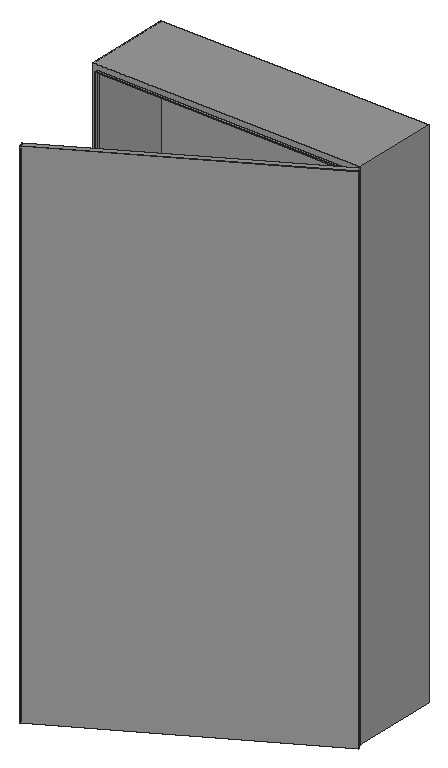
Revit family "Hager-Univers-IP55-D275-H1550-Cl.II-Steel_encl-NoHosted-CH-de", category Equipement électrique, Revit 2020
Family settings
  Configuration du panneau = Deux colonnes, circuits au sein
  Cote de connecteur circulaire = Utiliser le diamètre
  Type d'élément = Tableau de raccordement
  Basée sur le plan de construction = Oui
  Toujours verticalement = Oui
  Couper avec des vides une fois chargée = Non
  Partagée = Non
  Point de calcul de pièce = Non
Parameters (values of type "Aufputz IP55 B800 H1550 T275  - FR03S")
  Width Control [instance] = if([EF000008 - Breite] > Min Width, [EF000008 - Breite], Min Width)  # 800 mm
  Commentaires du type = [HG000003 - Bereich]  # "Univers"
  Thickness Door [instance] = if([EF009171 - Materialstärke Tür/Deckel] > 3 mm, 3 mm, [EF009171 - Materialstärke Tür/Deckel])  # 1.5 mm
  Seal Frame Offset [instance] = 17 mm  # constant formula
  Plinth Visibility [instance] = [HG000027 - Sockelhöhe] > 0 mm  # no
  Min Width [instance] = 100 mm  # constant formula
  Min Depth [instance] = (2 * [EF009170 - Materialstärke Gehäuse]) + 1 mm  # 4 mm
  Min Height [instance] = 100 mm  # constant formula
  Internal Frame Depth [instance] = (Door System Depth * 0.5)  # 9 mm
  Panel Name [instance] = ""  # (empty or 0)
  Model = ""
  HG000027 - Sockelhöhe = 0 mm
  HG000026 - Stehend auf dem Boden = no
  HG000024 - Höhe des unteren Teils = 600 mm
  HG000023 - Gehäuse mit doppeltem Querschnitt = no
  HG000016 - 3D-Türsichtbarkeit [instance] = yes
  HG000015 - Sichtbarkeit der Türöffnung [instance] = no
  HG000014 - Tür rechts [instance] = yes
  HG000013 - Tür links [instance] = not([HG000014 - Tür rechts])  # no
  HG000012 - Türschwenkwinkel [instance] = 30.00°
  HG000010 - Asymmetrische Türen = no
  HG000009 - Doppelflügeligen Tür = no
  HG000006 - Unterputz = no
  HG000004 - Herstellerreferenz = "FR03S"
  HG000003 - Bereich = "Univers"
  HG000002 - Mit tür = yes
  Frame Offset Bottom [instance] = 10 mm  # constant formula
  Frame Offset [instance] = 15 mm  # constant formula
  EF015940 - Deckel mit Überdruckentlastung = no
  EF011959 - Schutzart (NEMA) = ""
  EF009554 - Anzahl der Öffnungen für Flanschplatten = 6
  EF009212 - Ausführung Deckel = "EV000116 - geschlossen"
  EF009171 - Materialstärke Tür/Deckel = 1.5 mm
  EF009170 - Materialstärke Gehäuse = 1.5 mm
  EF008873 - Nennstrom (In) = 800 A
  EF007800 - Geeignet für Blitzschutz = no
  EF006306 - Mit Schloss = no
  EF006244 - Transparenter Deckel/Tür = no
  EF005474 - Schutzart (IP) = "EV006420 - IP55"
  EF004464 - Art der Tür = "EV002646 - Einzel"
  EF004427 - Anzahl der Module = 360
  EF004293 - Schlagfestigkeit = "EV008784 - IK10"
  EF003532 - Geeignet für Außengebrauch = no
  EF002950 - Breite in Teilungseinheiten = 24
  EF001613 - Funktionserhalt = "EV000494 - ohne"
  EF001596 - Werkstoff des Gehäuses = "EV000179 - Stahl"
  EF001131 - Innentiefe = 275 mm
  EF001088 - Anbaumöglichkeit = yes
  EF000437 - Anzahl der Leitungseinführungen = 6
  EF000339 - Art der Abdeckung = "EV004216 - Tür"
  EF000266 - Anzahl der Reihen = 10
  EF000218 - Einbautiefe = 0 mm
  EF000118 - Mit Montageplatte = no
  EF000116 - RAL-Nummer = "7035"
  EF000049 - Tiefe = 275 mm
  EF000040 - Höhe = 1550 mm
  EF000008 - Breite = 800 mm
  EF000007 - Farbe = "EV000270 - grau"
  EF000003 - Montageart = "EV000384 - Aufputz"
  Door System Leaf Tolerance [instance] = 1.5 mm  # constant formula
  Door System Depth [instance] = 18 mm  # constant formula
  Door Height [instance] = Height Control - [HG000027 - Sockelhöhe]  # 1550 mm
  Description = ""
  Default Elevation = 1219.2 mm
  Connector Offset [instance] = Height Control / 2  # 775 mm
  Fabricant = "Hager"  # constant formula
  Height Control [instance] = if([EF000040 - Höhe] > Min Height, [EF000040 - Höhe], Min Height)  # 1550 mm
  Depth Control [instance] = if([EF000049 - Tiefe] > Min Depth, [EF000049 - Tiefe], Min Depth)  # 275 mm
  Bottom Top Plate Trim [instance] = 1.5 mm  # constant formula
  Plinth height Ctrl [instance] = if([HG000027 - Sockelhöhe] > 0 mm, [HG000027 - Sockelhöhe], 12 mm)  # 12 mm
Types (5, lengths in mm): name | Width Control | HG000010 - Asymmetrische Türen | HG000009 - Doppelflügeligen Tür | HG000004 - Herstellerreferenz | EF009554 - Anzahl der Öffnungen für Flanschplatten | EF004464 - Art der Tür | EF004427 - Anzahl der Module | EF000437 - Anzahl der Leitungseinführungen | EF000008 - Breite
  Aufputz IP55 B1050 H1550 T275  - FR04S | 1050 | no | yes | "FR04S" | 8 | "EV003602 - Doppel" | 480 | 8 | 1050
  Aufputz IP55 B1300 H1550 T275  - FR05S | 1300 | yes | yes | "FR05S" | 10 | "EV003602 - Doppel" | 600 | 10 | 1300
  Aufputz IP55 B300 H1550 T275  - FR01S | 300 | no | no | "FR01S" | 2 | "EV002646 - Einzel" | 120 | 2 | 300
  Aufputz IP55 B550 H1550 T275  - FR02S | 550 | no | no | "FR02S" | 4 | "EV002646 - Einzel" | 240 | 4 | 550
  Aufputz IP55 B800 H1550 T275  - FR03S | 800 | no | no | "FR03S" | 6 | "EV002646 - Einzel" | 360 | 6 | 800
Reference planes
  plane 1 "Center (Front/Back)": y = 0
  plane 2: z = 0
  plane 3 "Center (Left/Right)": x = 0
  plane 4: y = 0
  plane 5: y = 0
  plane 6: z = 0
  plane 7: x = -400
  plane 8: x = 400
  plane 9: x = 398.5
  plane 10: x = -398.5
  plane 11: z = 0
  plane 12: z = 1.5
  plane 13: y = -275
  plane 14: y = -1.5
  plane 15: x = 0
  plane 16: y = -257
  plane 17: y = -273.5
  plane 18: y = -255.5
  plane 19: x = -383.5
  plane 20: x = 383.5
  plane 21: z = 11.5
  plane 22: x = -383
  plane 23: x = 383
  plane 24: z = 0
  plane 25: z = 1550
  plane 26: z = 1550
  plane 27: z = 1533.5
  plane 28: z = 1548.5
Forms (mm)
  Extrusion 1, solid, material "Hager_Steel_RAL7035_Light_Grey", detail levels medium+fine
    sketch origin (-208.679, -4572, 0) x (-1, 0, 0) y (0, -1, 0)
      loop
        line (191.321, -4315) -> (-608.679, -4315) -> (-608.679, -4572) -> (191.321, -4572) -> (191.321, -4315)
    from 0 to 1550
  Extrusion 2, void
    sketch origin (-350.771, -275, 1219.2) x (1, 0, 0) y (0, 0, 1)
      loop
        line (-47.729, 329.3) -> (-47.729, -1217.7) -> (749.271, -1217.7) -> (749.271, 329.3) -> (-47.729, 329.3)
    from -19.5 to -273.5
  Extrusion 3, void
    sketch origin (-290.084, -257, 1219.2) x (1, 0, 0) y (0, 0, 1)
      loop
        line (-93.416, -1207.7) -> (673.584, -1207.7) -> (673.584, 314.3) -> (-93.416, 314.3) -> (-93.416, -1207.7)
    from 0 to -1.5
  Extrusion 4, solid, material "Hager_Steel_RAL7035_Light_Grey", visible <- "Plinth Visibility", detail levels medium+fine
    sketch origin (0, 0, 0) x (1, 0, 0) y (0, 1, 0)
      loop
        line (-400, 0) -> (-400, -257) -> (400, -257) -> (400, 0) -> (-400, 0)
    from 0 to 12 <- "Plinth height Ctrl"
  Extrusion 5, solid, material "Hager_Steel_RAL7035_Light_Grey", detail levels coarse
    sketch origin (0, 0, 0) x (1, 0, 0) y (0, 1, 0)
      loop
        line (-400, 0) -> (-400, -275) -> (400, -275) -> (400, 0) -> (-400, 0)
    from 0 to 1550 <- "Height Control"
  Sweep 6, void
    path in 3D
      loop
        line (-400, -257, 12) -> (400, -257, 12) -> (400, 0, 12) -> (-400, 0, 12) -> (-400, -257, 12)
    profile origin (-400, -128.5, 12) x (1, 0, 0) y (0, 0, 1)
      loop
        line (0, 0) -> (0, -1.5) -> (1.5, -1.5)
        arc (1.5, -1.5) -> (1.061, -0.439) -> (0, 0) r 1.5
  Extrusion 7, solid, material "Hager_Steel_RAL7035_Light_Grey", detail levels fine
    sketch origin (-400, -257, 0) x (1, 0, 0) y (0, 0, 1)
      loop
        line (16.5, 11.5) -> (783.5, 11.5) -> (783.5, 1533.5) -> (16.5, 1533.5) -> (16.5, 11.5)
      loop
        line (15, 10) -> (785, 10) -> (785, 1535) -> (15, 1535) -> (15, 10)
    from 0 to 9 <- "Internal Frame Depth"
Cuts and joins
  Extrusion 2, Extrusion 3 cuts Extrusion 1
  Sweep 6 cuts Extrusion 4
Lines and regions (mm)
  Masking region 1
    outline origin (0, 0, 0) x (1, 0, 0) y (0, 1, 0)
      loop
        line (-400, 0) -> (-400, -275) -> (400, -275) -> (400, 0) -> (-400, 0)
  Masking region 2, detail levels coarse
    outline origin (-290.084, -257, 1219.2) x (-1, 0, 0) y (0, 0, 1)
      loop
        line (-690.084, -1219.2) -> (109.916, -1219.2) -> (109.916, 330.8) -> (-690.084, 330.8) -> (-690.084, -1219.2)
  Masking region 3, detail levels coarse
    outline origin (0, 0, 0) x (0, 1, 0) y (0, 0, 1)
      loop
        line (0, 0) -> (0, 1550) -> (-275, 1550) -> (-275, 0) -> (0, 0)
  Masking region 4, visible <- "Plinth Visibility", detail levels medium+fine
    outline origin (0, 0, 0) x (0, 1, 0) y (0, 0, 1)
      loop
        line (-1.5, 12) -> (-255.5, 12)
        arc (-255.5, 12) -> (-255.939, 10.939) -> (-257, 10.5) r 1.5
        line (-257, 10.5) -> (-257, 0) -> (0, 0) -> (0, 10.5)
        arc (0, 10.5) -> (-1.061, 10.939) -> (-1.5, 12) r 1.5
  Masking region 5, detail levels medium+fine
    outline origin (0, 0, 594.038) x (0, 1, 0) y (0, 0, 1)
      loop
        line (0, -594.038) -> (0, 955.962) -> (-257, 955.962) -> (-257, -594.038) -> (0, -594.038)
  Masking region 6, detail levels medium+fine
    outline origin (-359.7, -257, 1211.883) x (-1, 0, 0) y (0, 0, 1)
      loop
        line (-759.7, -1211.883) -> (40.3, -1211.883) -> (40.3, 338.117) -> (-759.7, 338.117) -> (-759.7, -1211.883)
  Masking region 7, visible <- "Plinth Visibility", detail levels medium+fine
    outline origin (-320.334, -257, 1041.368) x (-1, 0, 0) y (0, 0, 1)
      loop
        line (-720.334, -1041.368) -> (79.666, -1041.368) -> (79.666, -1030.868)
        arc (79.666, -1030.868) -> (78.606, -1030.429) -> (78.166, -1029.368) r 1.5
        line (78.166, -1029.368) -> (-718.834, -1029.368)
        arc (-718.834, -1029.368) -> (-719.273, -1030.429) -> (-720.334, -1030.868) r 1.5
        line (-720.334, -1030.868) -> (-720.334, -1041.368)
  sketch lines
    curve 1: line (-400, 0, 12) -> (-400, -257, 12)
    curve 2: line (-400, -257, 12) -> (400, -257, 12)
    curve 3: line (400, 0, 12) -> (-400, 0, 12)
    curve 4: line (400, -257, 12) -> (400, 0, 12)
Dimensions and locks
  locked: plane 1 "Center (Front/Back)" to plane 5
  "EF009170 - Materialstärke Gehäuse": plane 7 to plane 10
  "EF009170 - Materialstärke Gehäuse": plane 8 to plane 9
  equal spacing: plane 7, plane 3 "Center (Left/Right)", plane 8
  "Width Control": plane 7 to plane 8
  "Depth Control": plane 4 to plane 13
  "EF009170 - Materialstärke Gehäuse": plane 4 to plane 14
  "Height Control": plane 25 to level
  "HG000027 - Sockelhöhe": plane 11 to level
  "EF009170 - Materialstärke Gehäuse": plane 12 to plane 11
  "EF009170 - Materialstärke Gehäuse": plane 17 to plane 13
  "EF009170 - Materialstärke Gehäuse": plane 18 to plane 16
  "Frame Offset Bottom": plane 21 to plane 12
  "Frame Offset": plane 10 to plane 19
  "Frame Offset": plane 9 to plane 20
  "Door System Depth": plane 16 to plane 13
  "Seal Frame Offset": plane 7 to plane 22
  "Seal Frame Offset": plane 8 to plane 23
  "EF009170 - Materialstärke Gehäuse": plane 26 to plane 28
  "Frame Offset": plane 28 to plane 27
  "Connector Offset": plane 2 to connector elem
  "Bottom Top Plate Trim": profile plane to Sweep 6 sketch curve
  "Bottom Top Plate Trim": Sweep 6 sketch curve to Sweep 6 sketch curve
  "Plinth height Ctrl": Masking region 4 sketch curve to level
  "Plinth height Ctrl": Masking region 7 sketch curve to level
  "Thickness Door": Extrusion 7 sketch curve to Extrusion 7 sketch curve  (x4)
  "Bottom Top Plate Trim": radius of Sweep 6 sketch curve
  "Bottom Top Plate Trim": radius of Masking region 4 sketch curve  (x2)
  "Bottom Top Plate Trim": radius of Masking region 7 sketch curve  (x2)
  aligned and locked: Extrusion 2 sketch curve to plane 12
  aligned and locked: Extrusion 2 sketch curve to plane 9
  aligned and locked: Extrusion 2 sketch curve to plane 10
  aligned and locked: Extrusion 2 to plane 14
  aligned and locked: Extrusion 1 sketch curve to plane 4
  aligned and locked: plane 8 to Extrusion 1 sketch curve
  aligned and locked: plane 7 to Extrusion 1 sketch curve
  aligned and locked: Extrusion 2 to plane 18
  aligned and locked: Extrusion 3 sketch curve to plane 19
  aligned and locked: plane 20 to Extrusion 3 sketch curve
  aligned and locked: Extrusion 3 to Extrusion 2
  aligned and locked: Extrusion 3 sketch curve to plane 21
  aligned and locked: plane 3 "Center (Left/Right)" to nested 1
  aligned and locked: Extrusion 1 sketch curve to plane 16
  aligned and locked: Extrusion 4 sketch curve to cut or joined group of Extrusion 1, Extrusion 2, Extrusion 3
  aligned and locked: Masking region 1 sketch curve to plane 7
  aligned and locked: Masking region 1 sketch curve to plane 5
  aligned and locked: Masking region 1 sketch curve to plane 8
  aligned and locked: Masking region 2 sketch curve to level
  aligned and locked: level to Masking region 3 sketch curve
  aligned and locked: plane 1 "Center (Front/Back)" to Masking region 3 sketch curve
  aligned and locked: plane 13 to Masking region 3 sketch curve
  aligned and locked: plane 5 to Masking region 4 sketch curve
  aligned and locked: Masking region 2 sketch curve to plane 8
  aligned and locked: Masking region 2 sketch curve to plane 7
  aligned and locked: plane 7 to nested 2
  aligned and locked: nested 2 to plane 5
  aligned and locked: plane 5 to Masking region 5 sketch curve
  aligned and locked: plane 26 to Masking region 5 sketch curve
  aligned and locked: Extrusion 5 sketch curve to plane 8
  aligned and locked: Extrusion 5 sketch curve to plane 7
  aligned and locked: Extrusion 5 sketch curve to plane 5
  aligned and locked: Extrusion 3 sketch curve to plane 27
  aligned and locked: Extrusion 2 sketch curve to plane 28
  aligned and locked: Masking region 2 to plane 25
  aligned and locked: Extrusion 4 to plane 16
  aligned and locked: profile plane to Sweep 6 sketch curve
  aligned and locked: Masking region 5 sketch curve to plane 24
  aligned and locked: level to Masking region 4 sketch curve
  aligned and locked: Masking region 1 to plane 13
  aligned and locked: nested 1 to plane 16
  aligned and locked: Masking region 3 to plane 25
  aligned and locked: plane 16 to Masking region 4 sketch curve
  aligned and locked: Masking region 5 sketch curve to plane 16
  aligned and locked: plane 24 to plane 11
  aligned and locked: plane 26 to plane 25
  aligned and locked: plane 26 to cut or joined group of Extrusion 1, Extrusion 2, Extrusion 3
  aligned and locked: nested 1 to plane 24
  aligned and locked: Extrusion 1 to Extrusion 3
  aligned and locked: Masking region 6 sketch curve to plane 8
  aligned and locked: Masking region 6 sketch curve to plane 24
  aligned and locked: Masking region 6 sketch curve to plane 7
  aligned and locked: Masking region 6 sketch curve to plane 26
  aligned and locked: Masking region 7 sketch curve to plane 7
  aligned and locked: level to Masking region 7 sketch curve
  aligned and locked: Masking region 7 sketch curve to plane 8
  aligned and locked: Extrusion 7 sketch curve to cut or joined group of Extrusion 1, Extrusion 2, Extrusion 3  (x4)
Automatic sketch dimensions
  plane 19 to Extrusion 3 sketch curve = 0 mm
  Extrusion 3 sketch curve to plane 20 = 0 mm
  Extrusion 3 sketch curve to plane 21 = 0 mm
  Extrusion 4 sketch curve to plane 7 = 0 mm
  Extrusion 4 sketch curve to plane 8 = 0 mm
  Extrusion 4 sketch curve to plane 16 = 0 mm
  Masking region 1 sketch curve to plane 13 = 0 mm
  Masking region 2 sketch curve to plane 25 = 0 mm
  Masking region 3 sketch curve to plane 25 = 0 mm
  Extrusion 5 sketch curve to plane 13 = 0 mm
  profile plane to Sweep 6 sketch curve = 0 mm
Nested families
  nested 1: "EC000058_Univers_Door" at (0, -257, 0), Double <- "HG000009 - Doppelflügeligen Tür", Transparent <- "EF006244 - Transparenter Deckel/Tür", Angle <- "HG000012 - Türschwenkwinkel", Door_Right <- "HG000014 - Tür rechts", Assymetrical <- "HG000010 - Asymmetrische Türen", Door <- "HG000002 - Mit tür", Width_Ctrl <- "Width Control", 3d_Door <- "HG000016 - 3D-Türsichtbarkeit", Clearance <- "HG000015 - Sichtbarkeit der Türöffnung", Door_Left <- "HG000013 - Tür links", Width <- "Width Control", Door_Depth <- "Door System Depth", Leaf_Tolerance <- "Door System Leaf Tolerance", Height <- "Door Height", Lock_Visibility <- "EF006306 - Mit Schloss", Thickness <- "Thickness Door", type "EC000058_Univers_Door", detail levels medium+fine
    with min_wh 4 mm, Width_Ctrl 800 mm, Width 800 mm, Transparent no, Thickness 1.5 mm, Seal_Material Hager_Rubber, Lock_Visibility no, Lock_Material Hager_Plastic_RAL9005_Jet_Black, Leaf_Width 800 mm, Leaf_Tolerance_External_Sides 0 mm, Leaf_Tolerance 1.5 mm, Leaf_Offset 0 mm, Leaf_Height 1547 mm, Leaf_2_Width 800 mm, Leaf_2_Offset 400 mm, Leaf_1_Width 800 mm, Leaf_1_Offset 400 mm, Height_Ctrl 1550 mm, Height 1550 mm, Glass_Material Hager_Glass, Double_Clearance_Ctrl no, Double no, Door_Right_Ctrl yes, Door_Right yes, Door_Material Hager_Steel_RAL7035_Light_Grey, Door_Left_Ctrl no, Door_Left no, Door_Depth 18 mm, Door yes, Clearance_Material Hager_Clearance, Clearance_Depth 800 mm, Clearance_Ctrl no, Clearance no, Assymetrical no, Angle 30.00°, 3d_Door yes
  nested 2: "Hager_Enclosure_Symbol" at (-400, 0, 0), Height <- "Depth Control", Width <- "Width Control", type "Hager_Enclosure_Symbol"
    with Width_Ctrl 800 mm, Width 800 mm, Height_Ctrl 275 mm, Height 275 mm, A_Width_Int 18.047 mm, A_Width 216.562 mm, A_Height_Ctrl 240.625 mm, A_Height 240.625 mm
Connectors
  electrical at (0, 0, 775)
    settings: on plane 1 "Center (Front/Back)", index 1, voltage 0 V, apparent load 0 VA, apparent load phase1 0 VA, apparent load phase2 0 VA, apparent load phase3 0 VA, power factor 1, load classification "Other", number of poles 1, system type 30, power factor state 1, is connector primary yes, connector utility no, sub classification motor no, connector description ""
Definition of nested family "EC000058_Univers_Door"
  Parameters (values of type "EC000058_Univers_Door")
    min_wh [instance] = (2 * Thickness) + 1 mm  # 11 mm
    Width_Ctrl [instance] = 400 mm
    Width [instance] = 500 mm
    Transparent [instance] = yes
    Thickness [instance] = 5 mm
    Seal_Material [instance] = none
    Lock_Visibility [instance] = yes
    Lock_Material [instance] = none
    Leaf_Width [instance] = if((Width_Ctrl - 2 * Leaf_Tolerance_External_Sides) > 0 mm, (Width_Ctrl - 2 * Leaf_Tolerance_External_Sides), min_wh)  # 400 mm
    Leaf_Tolerance_External_Sides [instance] = 0 mm  # constant formula
    Leaf_Tolerance [instance] = 1.5 mm
    Leaf_Offset [instance] = 0 mm  # constant formula
    Leaf_Height [instance] = if((Height_Ctrl - 2 * Leaf_Tolerance) > 0 mm, (Height_Ctrl - 2 * Leaf_Tolerance), min_wh)  # 497 mm
    Leaf_2_Width [instance] = if(and(and(Double, Assymetrical), Door_Left), (Leaf_Width / 3) - (Leaf_Tolerance / 2), if(and(and(Double, Assymetrical), Door_Right), (Leaf_Width / 3) * 2 - (Leaf_Tolerance / 2), if(and(Double, not(Assymetrical)), (Leaf_Width / 2) - Leaf_Tolerance, Leaf_Width)))  # 400 mm
    Leaf_2_Offset [instance] = if(and(Double, Assymetrical), Leaf_2_Width / 2, if(and(Double, not(Assymetrical)), Leaf_Width / 4, Leaf_Width / 2))  # 200 mm
    Leaf_1_Width [instance] = if(and(and(Double, Assymetrical), Door_Right), (Leaf_Width / 3) - (Leaf_Tolerance / 2), if(and(and(Double, Assymetrical), Door_Left), (Width / 3) * 2 - (Leaf_Tolerance / 2), if(and(Double, not(Assymetrical)), (Leaf_Width / 2) - Leaf_Tolerance, Leaf_Width)))  # 400 mm
    Leaf_1_Offset [instance] = if(and(Double, Assymetrical), Leaf_1_Width / 2, if(and(Double, not(Assymetrical)), Leaf_Width / 4, Leaf_Width / 2))  # 200 mm
    Height_Ctrl [instance] = if(Height > min_wh, Height, min_wh)  # 500 mm
    Height [instance] = 500 mm
    Glass_Material [instance] = none
    Double_Clearance_Ctrl [instance] = and(Double, Clearance)  # no
    Double [instance] = no
    Door_Right_Ctrl [instance] = and(or(Door_Right, Double), Door)  # yes
    Door_Right [instance] = yes
    Door_Material [instance] = none
    Door_Left_Ctrl [instance] = and(or(Door_Left, Double), Door)  # no
    Door_Left [instance] = no
    Door_Depth [instance] = 30 mm
    Door [instance] = yes
    Default Elevation = 1219.2 mm
    Clearance_Material [instance] = none
    Clearance_Depth [instance] = if(Leaf_1_Width > Leaf_2_Width, Leaf_1_Width, Leaf_2_Width)  # 400 mm
    Clearance_Ctrl [instance] = and(not(Double), Clearance)  # yes
    Clearance [instance] = yes
    Assymetrical [instance] = yes
    Angle [instance] = 30.00°
    3d_Door [instance] = yes
  Reference planes
    plane 1 "Center (Front/Back)": y = 0
    plane 2 "Bottom": z = 0
    plane 3 "Center (Left/Right)": x = 0
    plane 4: z = 500
    plane 5: x = -200
    plane 6: x = 200
    plane 7: z = 500
    plane 8: x = -200
    plane 9: z = 0
    plane 10: x = 200
    plane 11: y = 0
    plane 12: z = 1.5
    plane 13: x = -600
    plane 14: y = -400
    plane 15: x = 600
    plane 16: x = 0
    plane 17: x = 0
    plane 18: x = -200
    plane 19: x = 200
    plane 20: z = 498.5
  Forms (mm)
    Extrusion 1, solid, material <- "Clearance_Material", visible <- "Double_Clearance_Ctrl"
      sketch origin (1200, 0, 0) x (1, 0, 0) y (0, 0, -1)
        loop
          line (-1800, -498.5) -> (-600, -498.5) -> (-600, 0) -> (-1800, 0) -> (-1800, -498.5)
      from 0 to -400
  Dimensions and locks
    equal spacing: plane 5, plane 3 "Center (Left/Right)", plane 6
    "Width_Ctrl": plane 5 to plane 6
    "Leaf_Offset": plane 5 to plane 8
    "Leaf_Offset": plane 6 to plane 10
    "Leaf_Offset": plane 9 to level
    "Leaf_Offset": plane 4 to plane 7
    "Height_Ctrl": plane 4 to level
    "Leaf_Tolerance": plane 12 to plane 9
    locked: plane 11 to plane 1 "Center (Front/Back)"
    "Leaf_1_Offset": plane 18 to plane 16
    "Leaf_2_Offset": plane 17 to plane 19
    "Leaf_1_Width": plane 13 to plane 8
    "Leaf_2_Width": plane 10 to plane 15
    "Clearance_Depth": plane 14 to plane 1 "Center (Front/Back)"
    "Leaf_Tolerance_External_Sides": plane 8 to plane 18
    "Leaf_Tolerance_External_Sides": plane 19 to plane 10
    "Leaf_Tolerance": plane 7 to plane 20
    aligned and locked: level to plane 2 "Bottom"
    aligned and locked: nested 1 to plane 16
    aligned and locked: nested 2 to plane 17
    aligned and locked: Extrusion 1 to plane 13
    aligned and locked: plane 15 to Extrusion 1
    aligned and locked: Extrusion 1 to plane 14
    aligned and locked: plane 12 to nested 1
    aligned and locked: nested 2 to plane 12
    aligned and locked: Extrusion 1 to plane 11
    aligned and locked: plane 20 to Extrusion 1
    aligned and locked: nested 2 to plane 11
    aligned and locked: nested 1 to plane 11
  Automatic sketch dimensions
    Extrusion 1 sketch curve to level = 0 mm
    plane 5 to Extrusion 1 sketch curve = 400 mm
    plane 6 to Extrusion 1 sketch curve = 400 mm
    Extrusion 1 sketch curve to plane 4 = 1.5 mm
  Nested families
    nested 1: "EC000058_Univers_Door_Leaf" at (0, 0, 1.5), Width <- "Leaf_1_Width", visible <- "Door_Left_Ctrl", Leaf_Height <- "Leaf_Height", Angle <- "Angle", 3d_Door <- "3d_Door", Transparent <- "Transparent", Clearance Material <- "Clearance_Material", Clearance <- "Clearance_Ctrl", Door_Material <- "Door_Material", Glass_Material <- "Glass_Material", Door_Depth <- "Door_Depth", Lock_Material <- "Lock_Material", Seal_Material <- "Seal_Material", Lock_Visibility <- "Lock_Visibility", Thickness <- "Thickness", type "EC000058_Univers_Door_Leaf"
      with Width 400 mm, Transparent_Glass_Offset 30 mm, Transparent_Ctrl yes, Transparent yes, Thickness 5 mm, Standard no, Seal_Material none, Seal_D2 8 mm, Seal_D1 1 mm, Offset_Internal_Frame 10 mm, Lock_Width 20 mm, Lock_Visibility_3d yes, Lock_Visibility yes, Lock_Thickness_3 3 mm, Lock_Thickness_2 1 mm, Lock_Thickness_1 3 mm, Lock_Radius_Offset_2 16 mm, Lock_Radius_Offset_1 15 mm, Lock_Radius_2 5 mm, Lock_Radius 6 mm, Lock_Offset 5 mm, Lock_Material none, Lock_Height 80 mm, Lock_Cover_Top_Offset_2d 17 mm, Lock_Cover_Height -65 mm, Leaf_Height 497 mm, Internal_Seal_Thickness 8 mm, Internal_Seal_Depth_2 4.5 mm, Internal_Frame_Depth 25 mm, Glass_Thickness -1 mm, Glass_Offset -2 mm, Glass_Material none, Door_Material none, Door_Depth 30 mm, Clearance Material none, Clearance yes, Angle_Ctrl 30.00°, Angle 30.00°, 3d_Door yes
    nested 2: "EC000058_Univers_Door_Leaf" at (0, 0, 1.5) x (-1, 0, 0) z (0, 0, 1), Width <- "Leaf_2_Width", visible <- "Door_Right_Ctrl", Leaf_Height <- "Leaf_Height", Angle <- "Angle", 3d_Door <- "3d_Door", Transparent <- "Transparent", Clearance Material <- "Clearance_Material", Clearance <- "Clearance_Ctrl", Door_Material <- "Door_Material", Glass_Material <- "Glass_Material", Door_Depth <- "Door_Depth", Lock_Material <- "Lock_Material", Seal_Material <- "Seal_Material", Lock_Visibility <- "Lock_Visibility", Thickness <- "Thickness", type "EC000058_Univers_Door_Leaf"
      with Width 400 mm, Transparent_Glass_Offset 30 mm, Transparent_Ctrl yes, Transparent yes, Thickness 5 mm, Standard no, Seal_Material none, Seal_D2 8 mm, Seal_D1 1 mm, Offset_Internal_Frame 10 mm, Lock_Width 20 mm, Lock_Visibility_3d yes, Lock_Visibility yes, Lock_Thickness_3 3 mm, Lock_Thickness_2 1 mm, Lock_Thickness_1 3 mm, Lock_Radius_Offset_2 16 mm, Lock_Radius_Offset_1 15 mm, Lock_Radius_2 5 mm, Lock_Radius 6 mm, Lock_Offset 5 mm, Lock_Material none, Lock_Height 80 mm, Lock_Cover_Top_Offset_2d 17 mm, Lock_Cover_Height -65 mm, Leaf_Height 497 mm, Internal_Seal_Thickness 8 mm, Internal_Seal_Depth_2 4.5 mm, Internal_Frame_Depth 25 mm, Glass_Thickness -1 mm, Glass_Offset -2 mm, Glass_Material none, Door_Material none, Door_Depth 30 mm, Clearance Material none, Clearance yes, Angle_Ctrl 30.00°, Angle 30.00°, 3d_Door yes
  Definition of nested family "EC000058_Univers_Door_Leaf"
    Parameters (values of type "EC000058_Univers_Door_Leaf")
      Width [instance] = 2000 mm
      Transparent_Glass_Offset [instance] = 30 mm
      Transparent_Ctrl [instance] = and(Transparent, [3d_Door])  # yes
      Transparent [instance] = yes
      Thickness [instance] = 5 mm
      Standard [instance] = and(not(Transparent), [3d_Door])  # no
      Seal_Material [instance] = none
      Seal_D2 [instance] = 8 mm  # constant formula
      Seal_D1 [instance] = 1 mm  # constant formula
      Offset_Internal_Frame [instance] = 10 mm  # constant formula
      Lock_Width [instance] = 20 mm  # constant formula
      Lock_Visibility_3d [instance] = and(Lock_Visibility, [3d_Door])  # yes
      Lock_Visibility [instance] = yes
      Lock_Thickness_3 [instance] = 3 mm  # constant formula
      Lock_Thickness_2 [instance] = 1 mm  # constant formula
      Lock_Thickness_1 [instance] = 3 mm  # constant formula
      Lock_Radius_Offset_2 [instance] = Lock_Radius_Offset_1 + 1 mm  # 16 mm
      Lock_Radius_Offset_1 [instance] = 15 mm  # constant formula
      Lock_Radius_2 [instance] = Lock_Radius - 1 mm  # 5 mm
      Lock_Radius [instance] = 6 mm  # constant formula
      Lock_Offset [instance] = 5 mm  # constant formula
      Lock_Material [instance] = none
      Lock_Height [instance] = 80 mm  # constant formula
      Lock_Cover_Top_Offset_2d [instance] = Lock_Radius_Offset_2 + 1 mm  # 17 mm
      Lock_Cover_Height [instance] = -(Lock_Height - Lock_Radius_Offset_1)  # -65 mm
      Leaf_Height [instance] = 2720.336 mm
      Internal_Seal_Thickness [instance] = 8 mm  # constant formula
      Internal_Seal_Depth_2 [instance] = 4.5 mm  # constant formula
      Internal_Frame_Depth [instance] = if(Door_Depth - Thickness > 5 mm, Door_Depth - Thickness, 5 mm)  # 25 mm
      Glass_Thickness [instance] = if(Thickness > 15 mm, Glass_Offset + 10 mm, -1 mm)  # -1 mm
      Glass_Offset [instance] = if(Thickness > 15 mm, -(Thickness + 10 mm) / 2, -2 mm)  # -2 mm
      Glass_Material [instance] = none
      Door_Material [instance] = none
      Door_Depth [instance] = 30 mm
      Default Elevation = 0 mm
      Clearance Material [instance] = none
      Clearance [instance] = yes
      Angle_Ctrl [instance] = if(Angle > 180.00°, 180.00°, Angle)  # 90.00°
      Angle [instance] = 90.00°
      3d_Door [instance] = yes
    Reference planes
      plane 1 "Center (Front/Back)": y = 0
      plane 2: z = 0
      plane 3 "Center (Left/Right)": x = 0
      plane 4: y = 2000
      plane 5: x = -1000
      plane 6: x = 1000
      plane 7: x = -3000
      plane 8: z = 2720.336
      plane 9: z = 30
      plane 10: z = 2690.336
      plane 11: x = 970
      plane 12: x = -970
      plane 13: y = -3
      plane 14: z = 107.833
      plane 15: y = -5
      plane 16: y = -223.314
      plane 17: x = -1000
      plane 18: z = 1360.168
      plane 19: y = 30
    Forms (mm)
      Extrusion 1, solid, material <- "Clearance Material", visible <- "Clearance"
        sketch origin (0, 0, 0) x (1, 0, 0) y (0, 0, 1)
          loop
            line (-3000, 2720.336) -> (-3000, 0) -> (1000, 0) -> (1000, 2720.336) -> (-3000, 2720.336)
        from 0 to -2000
      Extrusion 2, solid, material <- "Door_Material", visible <- "Standard", detail levels medium+fine
        sketch origin (-1000, 0, 0) x (0, 1, 0) y (-1, 0, 0)
          loop
            line (0, 30) -> (0, 25) -> (2000, 25) -> (2000, 30) -> (0, 30)
        from 0 to 2720.336 <- "Leaf_Height"
      Extrusion 3, solid, material <- "Door_Material", visible <- "Transparent_Ctrl", detail levels medium+fine
        sketch origin (-1000, 0, 0) x (0, 1, 0) y (-1, 0, 0)
          loop
            line (0, 25) -> (2000, 25) -> (2000, 30) -> (0, 30) -> (0, 25)
        from 0 to 2720.336 <- "Leaf_Height"
      Extrusion 4, void
        sketch origin (-1025, 2000, 0) x (0, 1, 0) y (0, 0, -1)
          loop
            line (-30, -2690.336) -> (-30, -30) -> (-1970, -30) -> (-1970, -2690.336) -> (-30, -2690.336)
        from 0 to 5 <- "Thickness"
      Sweep 5, solid, material <- "Seal_Material", visible <- "Transparent_Ctrl", detail levels fine
        path in 3D
          loop
            line (-1025, 30, 30) -> (-1025, 30, 2690.336) -> (-1025, 1970, 2690.336) -> (-1025, 1970, 30) -> (-1025, 30, 30)
        profile origin (-1025, 1000, 30) x (1, 0, 0) y (0, 0, 1)
          loop
            line (0, 0) -> (0, -8) -> (1, -8) -> (1, 0) -> (0, 0)
      Extrusion 6, solid, material <- "Glass_Material", visible <- "Transparent_Ctrl", detail levels medium+fine
        sketch origin (-1030, 0, 0) x (0, 1, 0) y (0, 0, -1)
          loop
            line (1970, -2690.336) -> (1970, -30) -> (30, -30) -> (30, -2690.336) -> (1970, -2690.336)
        from -2 <- "Glass_Offset" to -1 <- "Glass_Thickness"
      Extrusion 7, solid, material <- "Door_Material", visible <- "3d_Door", detail levels medium+fine
        sketch origin (-1025, 2000, 0) x (0, -1, 0) y (0, 0, -1)
          loop
            line (0, -2720.336) -> (2000, -2720.336) -> (2000, 0) -> (0, 0) -> (0, -2720.336)
          loop
            line (1995, -5) -> (5, -5) -> (5, -2715.336) -> (1995, -2715.336) -> (1995, -5)
        from 0 to 25 <- "Internal_Frame_Depth"
      Sweep 8, solid, material <- "Seal_Material", visible <- "Transparent_Ctrl", detail levels fine
        path in 3D
          loop
            line (-1025, 0, 0) -> (-1025, 2000, 0) -> (-1025, 2000, 2720.336) -> (-1025, 0, 2720.336) -> (-1025, 0, 0)
        profile origin (-1025, 0, 1360.168) x (1, 0, 0) y (0, 1, 0)
          loop
            line (0, 10) -> (2.975, 10)
            arc (2.975, 10) -> (4.053, 10.447) -> (4.5, 11.525) r 1.525
            line (4.5, 11.525) -> (4.5, 16.527)
            arc (4.5, 16.527) -> (4.069, 17.569) -> (3.027, 18) r 1.473
            line (3.027, 18) -> (0, 18) -> (0, 10)
      Extrusion 9, solid, material <- "Lock_Material", visible <- "Lock_Visibility_3d", detail levels fine
        sketch origin (-1030, 0, 0) x (0, 1, 0) y (0, 0, -1)
          loop
            arc (1993.5, -1400.168) -> (1994.561, -1399.729) -> (1995, -1398.668) r 1.5
            line (1995, -1398.668) -> (1995, -1320.168) -> (1975, -1320.168) -> (1975, -1398.668)
            arc (1975, -1398.668) -> (1975.439, -1399.729) -> (1976.5, -1400.168) r 1.5
            line (1976.5, -1400.168) -> (1993.5, -1400.168)
        from 3 <- "Lock_Thickness_1" to 0
      Blend 10, solid, material <- "Lock_Material", visible <- "Lock_Visibility_3d", detail levels fine
        base sketch origin (-1033, 0, 0) x (0, 1, 0) y (0, 0, -1)
          loop
            line (1975, -1320.168) -> (1975, -1398.668)
            arc (1975, -1398.668) -> (1975.439, -1399.729) -> (1976.5, -1400.168) r 1.5
            line (1976.5, -1400.168) -> (1993.5, -1400.168)
            arc (1993.5, -1400.168) -> (1994.561, -1399.729) -> (1995, -1398.668) r 1.5
            line (1995, -1398.668) -> (1995, -1320.168) -> (1975, -1320.168)
        top sketch origin (-1033, 0, 0) x (0, 1, 0) y (0, 0, -1)
          loop
            line (1976, -1320.168) -> (1976, -1398.668)
            arc (1976, -1398.668) -> (1976.146, -1399.022) -> (1976.5, -1399.168) r 0.5
            line (1976.5, -1399.168) -> (1993.5, -1399.168)
            arc (1993.5, -1399.168) -> (1993.854, -1399.022) -> (1994, -1398.668) r 0.5
            line (1994, -1398.668) -> (1994, -1320.168) -> (1976, -1320.168)
        from 0 to 1 <- "Lock_Thickness_2"
      Blend 11, solid, material <- "Lock_Material", visible <- "Lock_Visibility_3d", detail levels fine
        base sketch origin (-1034, 0, 0) x (0, 1, 0) y (0, 0, -1)
          loop
            line (1978, -1320.168) -> (1978, -1384.168)
            arc (1978, -1384.168) -> (1985, -1391.168) -> (1992, -1384.168) r 7
            line (1992, -1384.168) -> (1992, -1320.168) -> (1978, -1320.168)
        top sketch origin (-1034, 0, 0) x (0, 1, 0) y (0, 0, -1)
          loop
            line (1991, -1320.168) -> (1979, -1320.168) -> (1979, -1383.168)
            arc (1979, -1383.168) -> (1985, -1389.168) -> (1991, -1383.168) r 6
            line (1991, -1383.168) -> (1991, -1320.168)
        from 0 to 3 <- "Lock_Thickness_3"
      Extrusion 12, solid, material <- "Lock_Material", visible <- "Lock_Visibility_3d", detail levels fine
        sketch origin (-1030, 1975, 1320.168) x (1, 0, 0) y (0, -1, 0)
          loop
            line (-7, -19) -> (-7, -1) -> (0, -1) -> (0, 0) -> (-8, 0) -> (-8, -20) -> (0, -20) -> (0, -19) -> (-7, -19)
        from 0 to -65 <- "Lock_Cover_Height"
      Extrusion 13, void
        sketch origin (-1038, 1995, 1320.168) x (-1, 0, 0) y (0, 0, -1)
          loop
            line (-5, -65) -> (0, -65) -> (-5, -60) -> (-5, -65)
        from 0 to 20 <- "Lock_Width"
      Extrusion 14, void
        sketch origin (-1038, 1975, 1320.168) x (0, -1, 0) y (0, 0, -1)
          loop
            circle (-10, -15.995) r 6
          loop
            circle (-10, -15.995) r 5
        from 0 to 2
      Extrusion 15, solid, material <- "Lock_Material", visible <- "Lock_Visibility_3d", detail levels medium
        sketch origin (-1030, 0, 0) x (0, 1, 0) y (0, 0, -1)
          loop
            arc (1993.5, -1400.168) -> (1994.561, -1399.729) -> (1995, -1398.668) r 1.5
            line (1995, -1398.668) -> (1995, -1320.168) -> (1975, -1320.168) -> (1975, -1398.668)
            arc (1975, -1398.668) -> (1975.439, -1399.729) -> (1976.5, -1400.168) r 1.5
            line (1976.5, -1400.168) -> (1993.5, -1400.168)
        from 8 to 0
    Cuts and joins
      Extrusion 4 cuts Extrusion 3
      Extrusion 13, Extrusion 14 cuts Extrusion 9
      Extrusion 14 cuts Blend 11
      Extrusion 13, Extrusion 14 cuts Extrusion 12
      joined: Extrusion 9, Blend 10, Blend 11, Extrusion 12
      Extrusion 14 cuts Extrusion 15
    Lines and regions (mm)
      Masking region 1, visible <- "Lock_Visibility", detail levels fine
        outline origin (0, 0, 0) x (0, 1, 0) y (0, 0, 1)
          loop
            line (30, 1320.168) -> (33, 1320.168) -> (33, 1400.168) -> (30, 1400.168) -> (30, 1320.168)
      Masking region 2, visible <- "Lock_Visibility", detail levels fine
        outline origin (0, 3.143, 0) x (0, 1, 0) y (0, 0, 1)
          loop
            line (29.857, 1354.168) -> (30.857, 1354.168) -> (30.857, 1366.168) -> (29.857, 1366.168) -> (29.857, 1354.168)
      Masking region 3, detail levels medium+fine
        outline origin (0, 0, 0) x (0, 1, 0) y (0, 0, 1)
          loop
            line (0, 0) -> (30, 0) -> (30, 2720.336) -> (0, 2720.336) -> (0, 0)
      Masking region 4, detail levels medium+fine
        outline origin (0, 0, 0) x (1, 0, 0) y (0, 0, 1)
          loop
            line (-1000, 2720.336) -> (-1000, 0) -> (1000, 0) -> (1000, 2720.336) -> (-1000, 2720.336)
      Masking region 5, visible <- "Lock_Visibility", detail levels fine
        outline origin (-47.116, 0, 0) x (1, 0, 0) y (0, 0, 1)
          loop
            arc (1024.616, 1399.168) -> (1023.556, 1398.729) -> (1023.116, 1397.668) r 1.5
            line (1023.116, 1397.668) -> (1023.116, 1320.168) -> (1041.116, 1320.168) -> (1041.116, 1397.668)
            arc (1041.116, 1397.668) -> (1040.677, 1398.729) -> (1039.616, 1399.168) r 1.5
            line (1039.616, 1399.168) -> (1024.616, 1399.168)
      Masking region 6, visible <- "Lock_Visibility", detail levels medium+fine
        outline origin (-25, 0, 0) x (1, 0, 0) y (0, 0, 1)
          loop
            arc (1001.5, 1400.168) -> (1000.439, 1399.729) -> (1000, 1398.668) r 1.5
            line (1000, 1398.668) -> (1000, 1320.168) -> (1020, 1320.168) -> (1020, 1398.668)
            arc (1020, 1398.668) -> (1019.561, 1399.729) -> (1018.5, 1400.168) r 1.5
            line (1018.5, 1400.168) -> (1001.5, 1400.168)
      Masking region 7, visible <- "Lock_Visibility", detail levels fine
        outline origin (-73.735, 0, 0) x (1, 0, 0) y (0, 0, 1)
          loop
            line (1051.735, 1382.168) -> (1065.735, 1382.168) -> (1065.735, 1384.168)
            arc (1065.735, 1384.168) -> (1058.735, 1391.168) -> (1051.735, 1384.168) r 7
            line (1051.735, 1384.168) -> (1051.735, 1382.168)
      Masking region 8, visible <- "Lock_Visibility", detail levels fine
        outline origin (-73.735, 0, 0) x (1, 0, 0) y (0, 0, 1)
          loop
            line (1052.735, 1382.168) -> (1064.735, 1382.168) -> (1064.735, 1383.168)
            arc (1064.735, 1383.168) -> (1058.735, 1389.168) -> (1052.735, 1383.168) r 6
            line (1052.735, 1383.168) -> (1052.735, 1382.168)
      Masking region 9, visible <- "Lock_Visibility", detail levels fine
        outline origin (-25, 0, 0) x (1, 0, 0) y (0, 0, 1)
          loop
            line (1020, 1320.168) -> (1020, 1382.168) -> (1000, 1382.168) -> (1000, 1320.168) -> (1020, 1320.168)
      Masking region 10, detail levels medium+fine
        outline origin (0, 0, 0) x (1, 0, 0) y (0, 0, 1)
          loop
            circle (985, 1335.144) r 6
      Masking region 11, detail levels fine
        outline origin (0, 0, 0) x (1, 0, 0) y (0, 0, 1)
          loop
            circle (985, 1335.144) r 5
      Masking region 12, visible <- "Lock_Visibility", detail levels fine
        outline origin (0, 12.767, 0) x (0, 1, 0) y (0, 0, 1)
          loop
            line (20.233, 1320.168) -> (21.233, 1320.168) -> (21.233, 1399.168) -> (20.233, 1400.168) -> (20.233, 1320.168)
      Masking region 13, visible <- "Lock_Visibility", detail levels fine
        outline origin (0, 13.767, -10) x (0, 1, 0) y (0, 0, 1)
          loop
            line (20.233, 1330.168) -> (23.233, 1330.168) -> (23.233, 1399.168) -> (20.233, 1402.168) -> (20.233, 1330.168)
      Masking region 14, visible <- "Lock_Visibility", detail levels fine
        outline origin (0, 12.767, -10) x (0, 1, 0) y (0, 0, 1)
          loop
            line (20.233, 1330.168) -> (25.233, 1330.168) -> (25.233, 1399.305) -> (20.233, 1394.305) -> (20.233, 1330.168)
      Masking region 15, visible <- "Lock_Visibility", detail levels medium
        outline origin (0, 0, 0) x (0, 1, 0) y (0, 0, 1)
          loop
            line (30, 1320.168) -> (38, 1320.168) -> (38, 1400.168) -> (30, 1400.168) -> (30, 1320.168)
      Masking region 16, visible <- "Lock_Visibility", detail levels fine
        outline origin (-1000, 0, 0) x (0, 1, 0) y (-1, 0, 0)
          loop
            line (1975, 30) -> (1995, 30) -> (1995, 38) -> (1975, 38) -> (1975, 30)
          loop
            line (1979, 37) -> (1976, 37) -> (1976, 34) -> (1978, 34) -> (1979, 37)
          loop
            line (1994, 37) -> (1991, 37) -> (1992, 34) -> (1994, 34) -> (1994, 37)
      Masking region 17, visible <- "Lock_Visibility", detail levels medium
        outline origin (-1000, 0, 0) x (0, 1, 0) y (-1, 0, 0)
          loop
            line (1975, 30) -> (1995, 30) -> (1995, 38) -> (1975, 38) -> (1975, 30)
      symbolic lines
        curve 1: line (1000, 0, 0) -> (-3000, 0, 0)
        curve 2: arc (1000, 0, 0) -> (-1000, 2000, 0) -> (-3000, 0, 0) r 2000
        curve 4: line (-1030, 0, 0) -> (-1030, 2000, 0)
      reference lines
        curve 3: line (-1000, 0, 0) -> (-1000, 2000, 0)
      symbolic lines, detail levels medium+fine
        curve 5: line (-1030, 2000, 0) -> (-1025, 2000, 0)
        curve 7: line (-1025, 0, 0) -> (-1030, 0, 0)
        curve 8: line (-1025, 0, 0) -> (-1000, 0, 0)
        curve 9: line (-1000, 0, 0) -> (-1000, 2000, 0)
        curve 10: line (-1000, 2000, 0) -> (-1025, 2000, 0)
      symbolic lines, detail levels fine
        curve 6: line (-1025, 2000, 0) -> (-1025, 0, 0)
      sketch lines
        curve 11: line (-1025, 0, 2720.336) -> (-1025, 0, 0)
        curve 12: line (-1025, 2000, 0) -> (-1025, 0, 0)
        curve 13: line (-1025, 2000, 2720.336) -> (-1025, 2000, 0)
        curve 14: line (-1025, 0, 2720.336) -> (-1025, 2000, 2720.336)
        curve 15: line (-1025, 1970, 30) -> (-1025, 30, 30)
        curve 16: line (-1025, 30, 30) -> (-1025, 30, 2690.336)
        curve 17: line (-1025, 1970, 2690.336) -> (-1025, 1970, 30)
        curve 18: line (-1025, 30, 2690.336) -> (-1025, 1970, 2690.336)
      symbolic lines, visible <- "Transparent", detail levels medium+fine
        curve 19: line (-970, 0, 2690.336) -> (970, 0, 2690.336)
        curve 20: line (-970, 0, 30) -> (-970, 0, 2690.336)
        curve 21: line (970, 0, 30) -> (-970, 0, 30)
        curve 22: line (970, 0, 2690.336) -> (970, 0, 30)
    Dimensions and locks
      "Width": plane 1 "Center (Front/Back)" to plane 4
      equal spacing: plane 5, plane 3 "Center (Left/Right)", plane 6
      "Width": plane 5 to plane 6
      "Width": plane 7 to plane 5
      "Leaf_Height": plane 8 to level
      "Width": curve 5 to curve 3
      "Width": curve 3 to curve 3
      plane 8 to plane 10 = 30 mm
      plane 9 to level = 30 mm
      plane 12 to plane 5 = 30 mm
      plane 6 to plane 11 = 30 mm
      Extrusion 1 to Extrusion 4 sketch curve = 30 mm
      "Transparent_Glass_Offset": curve 3 to Extrusion 4 sketch curve
      "Transparent_Glass_Offset": Extrusion 4 sketch curve to cut or joined group of Extrusion 3, Extrusion 4  (x2)
      cut or joined group of Extrusion 3, Extrusion 4 to Extrusion 6 sketch curve = 30 mm
      "Transparent_Glass_Offset": cut or joined group of Extrusion 3, Extrusion 4 to Extrusion 4 sketch curve
      "Thickness": curve 6 to curve 4
      "Thickness": Extrusion 7 sketch curve to Extrusion 7 sketch curve  (x4)
      "Door_Depth": curve 4 to curve 3
      "Offset_Internal_Frame": profile plane to Sweep 8 sketch curve
      "Internal_Seal_Thickness": Sweep 8 sketch curve to Sweep 8 sketch curve
      "Internal_Seal_Depth_2": profile plane to Sweep 8 sketch curve
      "Seal_D1": profile plane to Sweep 5 sketch curve
      "Seal_D2": profile plane to Sweep 5 sketch curve
      "Thickness": Extrusion 2 sketch curve to Extrusion 2 sketch curve
      equal spacing: Extrusion 9 sketch curve, plane 18, Extrusion 9 sketch curve  (x2)
      equal spacing: Masking region 1 sketch curve, plane 18, Masking region 1 sketch curve
      "Lock_Height": Masking region 1 sketch curve to Masking region 1 sketch curve
      "Lock_Radius": Masking region 2 sketch curve to plane 18 to Masking region 2 sketch curve
      Masking region 2 sketch curve to Masking region 1 = 1 mm
      "Door_Depth": plane 19 to plane 1 "Center (Front/Back)"
      "Lock_Thickness_1": Masking region 1 sketch curve to plane 19
      "Lock_Width": Extrusion 9 sketch curve to Extrusion 9 sketch curve
      "Lock_Height": Extrusion 9 sketch curve to Extrusion 9 sketch curve
      "Lock_Offset": cut or joined group of Extrusion 3, Extrusion 4 to Extrusion 9 sketch curve
      equal spacing: plane 8, plane 18, level
      "Lock_Radius_Offset_1": Blend 11 sketch curve to Blend 10
      locked: Blend 10 to Blend 11 sketch curve at 2  (x2)
      locked: var sketch to Blend 11 sketch curve at 1  (x2)
      "Lock_Radius_Offset_2": Blend 11 sketch curve to Blend 10
      locked: Extrusion 12 sketch curve to Extrusion 12 sketch curve at 1  (x3)
      Masking region 6 sketch curve to Masking region 6 sketch curve = 80 mm
      "Lock_Height": Masking region 6 sketch curve to Masking region 6 sketch curve
      "Lock_Width": Masking region 6 sketch curve to Masking region 6 sketch curve
      locked: Masking region 6 to Masking region 5 sketch curve at 1  (x3)
      locked: Masking region 5 to Masking region 7 sketch curve at 2  (x2)
      "Lock_Radius_Offset_1": Masking region 5 to Masking region 7 sketch curve
      "Lock_Radius_Offset_2": Masking region 5 to Masking region 8 sketch curve
      locked: Masking region 7 to Masking region 8 sketch curve at 1  (x2)
      "Lock_Cover_Top_Offset_2d": Masking region 5 to Masking region 9 sketch curve
      equal spacing: Masking region 9, Masking region 10 sketch curve, Masking region 9
      equal spacing: Masking region 9, Masking region 11 sketch curve, Masking region 9
      Extrusion 15 sketch curve to Extrusion 15 sketch curve = 80 mm
      "Lock_Width": Extrusion 15 sketch curve to Extrusion 15 sketch curve
      "Lock_Height": Extrusion 15 sketch curve to Extrusion 15 sketch curve
      equal spacing: Extrusion 15 sketch curve, plane 18, Extrusion 15 sketch curve
      "Lock_Thickness_3": Masking region 13 sketch curve to Masking region 13 sketch curve
      "Lock_Height": Masking region 12 sketch curve to Masking region 12 sketch curve
      locked: Masking region 13 sketch curve to Masking region 1 at 8
      locked: Masking region 14 sketch curve to Masking region 13 at 1
      locked: Masking region 14 sketch curve to Masking region 1 at 10.863
      "Lock_Height": Masking region 15 sketch curve to Masking region 15 sketch curve
      "Lock_Offset": Extrusion 15 sketch curve to cut or joined group of Extrusion 3, Extrusion 4
      "Lock_Offset": plane 6 to Masking region 6 sketch curve
      radius of Sweep 8 sketch curve = 1.525 mm
      radius of Sweep 8 sketch curve = 1.473 mm
      radius of Extrusion 9 sketch curve = 1.5 mm  (x2)
      "Lock_Radius": radius of Extrusion 14 sketch curve
      "Lock_Radius_2": radius of Extrusion 14 sketch curve
      "Lock_Radius": radius of Masking region 10 sketch curve
      "Lock_Radius_2": radius of Masking region 11 sketch curve
      radius of Extrusion 15 sketch curve = 1.5 mm  (x2)
      "Angle_Ctrl": angle plane 1 "Center (Front/Back)" to curve 3
      locked: Masking region 12 sketch curve to Masking region 12 sketch curve (angle 45.00°)
      locked: Masking region 13 sketch curve to Masking region 13 sketch curve (angle 45.00°)
      locked: Masking region 14 sketch curve to Masking region 14 sketch curve (angle 45.00°)
      aligned and locked: level to plane 2
      aligned and locked: Extrusion 1 to curve 1
      aligned and locked: plane 6 to Extrusion 1
      aligned and locked: Extrusion 1 to plane 1 "Center (Front/Back)"
      aligned and locked: plane 4 to Extrusion 1
      aligned and locked: plane 8 to Extrusion 1
      aligned and locked: curve 7 to Extrusion 2 sketch curve
      aligned and locked: curve 5 to Extrusion 2 sketch curve
      aligned and locked: curve 7 to Extrusion 3 sketch curve
      aligned and locked: Extrusion 3 sketch curve to curve 4
      aligned and locked: Extrusion 3 sketch curve to curve 6
      aligned and locked: Extrusion 3 sketch curve to curve 5
      aligned and locked: curve 9 to curve 3
      aligned and locked: Extrusion 7 sketch curve to cut or joined group of Extrusion 3, Extrusion 4  (x4)
      aligned and locked: plane 17 to curve 3
      aligned and locked: plane 1 "Center (Front/Back)" to curve 3
      aligned and locked: plane 17 to plane 5
      aligned and locked: Sweep 8 sketch curve to profile plane
      aligned and locked: Sweep 5 sketch curve to profile plane  (x2)
      aligned and locked: Masking region 1 to Masking region 2 sketch curve
      aligned and locked: plane 19 to Masking region 1 sketch curve
      aligned and locked: plane 1 "Center (Front/Back)" to Masking region 3 sketch curve
      aligned and locked: plane 19 to Masking region 3 sketch curve
      aligned and locked: level to Masking region 3 sketch curve
      aligned and locked: Masking region 3 sketch curve to plane 8
      aligned and locked: plane 17 to Masking region 4 sketch curve
      aligned and locked: level to Masking region 4 sketch curve
      aligned and locked: Masking region 4 sketch curve to plane 8
      aligned and locked: plane 12 to curve 20
      aligned and locked: plane 10 to curve 19
      aligned and locked: plane 11 to curve 22
      aligned and locked: curve 21 to plane 9
      aligned and locked: Extrusion 2 sketch curve to cut or joined group of Extrusion 3, Extrusion 4
      aligned and locked: Blend 10 sketch curve to Extrusion 9  (x4)
      aligned and locked: Extrusion 9 to Blend 10 sketch curve
      aligned and locked: Blend 10 to Blend 11 sketch curve
      aligned and locked: Extrusion 12 sketch curve to Blend 11
      aligned and locked: Extrusion 12 sketch curve to Extrusion 9  (x4)
      aligned and locked: Masking region 5 sketch curve to Masking region 6
      aligned and locked: Masking region 9 sketch curve to Masking region 6  (x3)
      aligned and locked: Masking region 12 sketch curve to Masking region 1
      aligned and locked: Masking region 13 sketch curve to Masking region 1
      aligned and locked: Masking region 12 to Masking region 14
      aligned and locked: Masking region 14 sketch curve to Masking region 1
      aligned and locked: Masking region 15 sketch curve to Masking region 14
      aligned and locked: Masking region 13 sketch curve to Masking region 12
      aligned and locked: Masking region 16 sketch curve to cut or joined group of Extrusion 14, Extrusion 15  (x4)
      aligned and locked: Masking region 16 sketch curve to cut or joined group of Extrusion 9, Blend 10, Blend 11, Extrusion 12, Extrusion 13, Extrusion 14  (x6)
      aligned and locked: cut or joined group of Extrusion 9, Blend 10, Blend 11, Extrusion 12, Extrusion 13, Extrusion 14 to Masking region 16 sketch curve
      aligned and locked: Masking region 17 sketch curve to cut or joined group of Extrusion 14, Extrusion 15  (x3)
      aligned and locked: Masking region 17 sketch curve to cut or joined group of Extrusion 9, Blend 10, Blend 11, Extrusion 12, Extrusion 13, Extrusion 14
      aligned and locked: Masking region 9 to Masking region 8 sketch curve
      aligned and locked: Masking region 9 to Masking region 7 sketch curve
    Automatic sketch dimensions
      plane 1 "Center (Front/Back)" to curve 2 = 0 mm
      curve 2 to plane 5 = 0 mm
      Extrusion 1 sketch curve to level = 0 mm
      Extrusion 1 sketch curve to plane 7 = 0 mm
      Extrusion 1 sketch curve to plane 6 = 0 mm
      Extrusion 1 sketch curve to plane 8 = 0 mm
      Extrusion 3 to Extrusion 6 sketch curve = 30 mm  (x4)
      Masking region 4 sketch curve to plane 6 = 0 mm
      Blend 10 sketch curve to Extrusion 9 = 1.5 mm
      Blend 10 sketch curve to Extrusion 9 = 1 mm
      Extrusion 13 sketch curve to Extrusion 12 = 0 mm  (x2)
      Extrusion 12 to Extrusion 13 sketch curve = 3 mm
      Extrusion 13 sketch curve to Extrusion 12 = 5 mm
      Extrusion 14 sketch curve to Extrusion 14 sketch curve = 0 mm  (x2)
      Extrusion 14 sketch curve to Extrusion 12 = 10 mm
      Extrusion 14 sketch curve to Extrusion 12 = 15.995 mm
      Masking region 5 sketch curve to Masking region 5 sketch curve = 1.5 mm  (x2)
      Masking region 10 sketch curve to plane 18 = 25.024 mm
      Masking region 11 sketch curve to plane 18 = 25.024 mm
      plane 19 to Masking region 14 sketch curve = 3 mm
      Masking region 16 sketch curve to Masking region 16 sketch curve = 3 mm
      curve 4 to curve 3 = 0 mm
      Blend 10 to Blend 11 sketch curve = 0 mm
      Masking region 6 sketch curve to Masking region 6 sketch curve = 1.5 mm  (x2)
      Masking region 6 sketch curve to plane 18 = 40 mm
      plane 19 to Masking region 12 sketch curve = 3 mm
      Masking region 12 sketch curve to Masking region 12 sketch curve = 1 mm
      Masking region 15 sketch curve to plane 19 = 0 mm
      Masking region 15 sketch curve to plane 18 = 40 mm
      radius of Blend 10 sketch curve to Extrusion 9 = 1 mm
Definition of nested family "Hager_Enclosure_Symbol"
  Parameters (values of type "Hager_Enclosure_Symbol")
    Width_Ctrl [instance] = if(Width > 1 mm, Width, 1 mm)  # 102.27 mm
    Width [instance] = 102.27 mm
    Height_Ctrl [instance] = if(Height > 1 mm, Height, 1 mm)  # 66.5 mm
    A_Width_Int [instance] = if(A_Width / 12 > 2 mm, A_Width / 12, 2 mm)  # 4.364 mm
    A_Width [instance] = if(A_Height_Ctrl * 0.9 > 2 mm, A_Height_Ctrl * 0.9, 2 mm)  # 52.369 mm
    A_Height_Ctrl [instance] = if(A_Height > 2 mm, A_Height, 2 mm)  # 58.188 mm
    Height [instance] = 66.5 mm
    A_Height [instance] = Height - (Height / 8)  # 58.188 mm
  Reference planes
    plane 1 "Centre (avant/arrière)": y = 0
    plane 2: z = 0
    plane 3 "Centre (gauche/droite)": x = 0
    plane 4: x = 52.369
    plane 5: y = 33.042
    plane 6: y = 41.77
    plane 7: y = 66.5
    plane 8: x = 26.184
    plane 9: y = 37.406
    plane 10: x = 102.27
    plane 11: y = 66.5
    plane 12: y = 8.313
  Lines and regions (mm)
    Filled region 1, type "Solid_Black", in view "Niveau de réf."
      outline origin (0, 0, 0) x (1, 0, 0) y (0, 1, 0)
        loop
          line (52.369, 66.5) -> (33.188, 54.536) -> (45.365, 45.006) -> (52.369, 66.5)
    Filled region 2, type "Solid_Black", in view "Niveau de réf."
      outline origin (0, 0, 0) x (1, 0, 0) y (0, 1, 0)
        loop
          line (0, 0) -> (102.27, 0) -> (102.27, 66.5) -> (0, 0)
    detail lines, in view "Niveau de réf."
      curve 1: line (0, 8.313, 0) -> (26.184, 41.77, 0)
      curve 2: line (26.184, 41.77, 0) -> (26.184, 33.042, 0)
      curve 3: line (26.184, 33.042, 0) -> (52.369, 66.5, 0)
  Dimensions and locks
    "A_Width": plane 3 "Centre (gauche/droite)" to plane 4
    equal spacing: plane 3 "Centre (gauche/droite)", plane 8, plane 4
    equal spacing: plane 6, plane 9, plane 5
    equal spacing: curve 3, Filled region 1 sketch curve, Filled region 1 sketch curve
    "Height_Ctrl": plane 1 "Centre (avant/arrière)" to plane 11
    "A_Height_Ctrl": plane 11 to plane 12
    equal spacing: plane 11, plane 9, plane 12
    "A_Width_Int": plane 6 to plane 9
    "Width_Ctrl": plane 3 "Centre (gauche/droite)" to plane 10
    angle Filled region 1 sketch curve to curve 3 = 20.00°
    angle curve 3 to Filled region 1 sketch curve = 20.00°
    locked: curve 3 to Filled region 1 sketch curve (angle 90.00°)
    aligned and locked: plane 10 to Filled region 2
    aligned and locked: plane 11 to Filled region 2 sketch curve
    aligned and locked: plane 10 to Filled region 2 sketch curve
    aligned and locked: plane 3 "Centre (gauche/droite)" to curve 1
    aligned and locked: plane 12 to curve 1
    aligned and locked: plane 7 to plane 11
  Automatic sketch dimensions
    Filled region 1 sketch curve to plane 4 = 0 mm
    Filled region 1 sketch curve to plane 7 = 0 mm
    plane 1 "Centre (avant/arrière)" to Filled region 2 sketch curve = 0 mm
    Filled region 2 sketch curve to plane 3 "Centre (gauche/droite)" = 0 mm
    curve 2 to plane 6 = 0 mm
    curve 2 to plane 8 = 0 mm
    curve 3 to plane 4 = 0 mm
    curve 2 to plane 5 = 0 mm
    curve 3 to plane 7 = 0 mm
